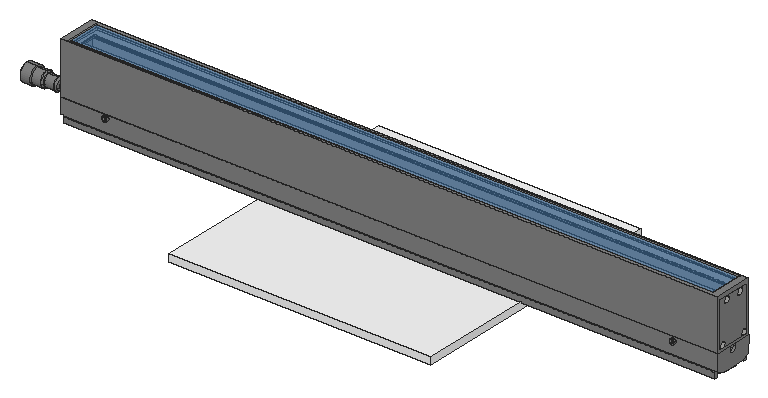
Revit family "BE_77157_de_DE", category Leuchten, Revit 2020
Family settings
  Basisbauteil = Fläche
  Bemaßung runder Anschluss = Durchmesser verwenden
  Teiletyp = Normal
  Beim Laden mit Abzugskörper schneiden = Ja
  Lichtquelle = Ja
  Gemeinsam genutzt = Nein
  Raumberechnungspunkt = Ja
Parameters (values of type "BEGA_77157_Grafit_K4")
  built-in parameter 1150104 = 13.686 (stored number, unit not read)
  Wattage = 33.6 W
  Default Elevation = 0 mm
  built-in parameter 1150113 = 1 (stored number, unit not read)
  built-in parameter 1114218 = 1 (stored number, unit not read)
  Umgebungstemperatur = "25 °C"
  URL = "https://www.bega.com/de/produkt/77157"
  Typenkommentare = "© 2022 BEGA. Wir behalten uns das Recht vor, technische Änderungen ohne vorherige Ankündigung vorzunehmen."  # constant formula
  Type Image = 77157.png
  built-in parameter 1150134 = 12
  built-in parameter 1150109 = 1 (stored number, unit not read)
  Strom = ""
  built-in parameter 1150110 = 1 (stored number, unit not read)
  Spannung = 239.996 V
  Sonderanfertigung = no
  Seriennummer [instance] = "Hier können Sie die eindeutige Seriennummer für das Facility Management eintragen."
  Schutzklasse = "I"
  Schutzart = "IP 65"
  Scheinlast = 0 VA
  Produktdatenblatt = "https://cdn.bega.com/bega/products/77157K4/current/documents/data-sheets/de"
  Oberflächentemperatur = ""
  Neigungswinkel = 0.00°
  Modell = "77157K4"
  Material_18 = BEGA_Gummi_schwarz
  Material_17 = BEGA_Reflektor
  Material_15 = BEGA_Leuchtmedium_matt
  Material_11 = BEGA_Glas_opal
  Material_10 = BEGA_Glas_matt
  Material_09 = BEGA_Glas_klar
  Material_06 = BEGA_Oberfläche_Edelstahl_gebürstet
  Material_04 = BEGA_Kunststoff_Grafit_matt
  Material_03 = BEGA_Oberfläche_Weiss_matt
  Material_02 = BEGA_Oberfläche_Silber_matt
  Material_01 [instance] = BEGA_Oberfläche_Grafit_matt
  M_W = no
  M_G = yes
  M_A = no
  Logo = 0
  built-in parameter 1114217 = 1 (stored number, unit not read)
  built-in parameter 1150139 = (empty or 0)
  built-in parameter 1150105 = 393.9 (stored number, unit not read)
  built-in parameter 1150114 = 1 (stored number, unit not read)
  Lumens = 4949.95 lm
  built-in parameter 1150115 = 1 (stored number, unit not read)
  Leuchtenlichtstrom = "2164 lm"
  Leuchtenanzahl = ""
  Lebensdauerkriterien = "L70B50 @ 25 °C = 200000 h"
  Lastklassifizierung = Beleuchtung
  built-in parameter 1150112 = 1 (stored number, unit not read)
  Lampenlichtstrom = "5020 lm"
  Lampe = "LED 25.2 W"
  LED_Modulbezeichnung = "2x LED-0928/840"
  built-in parameter 1150142 = (empty or 0)
  Hersteller = "BEGA"  # constant formula
  Halbstreuwinkel = ""
  Gewicht = "5.5 kg"
  Gebrauchslageneinschränkung [instance] = ""
  Frequenz = "0/50-60 Hz"
  Farbwiedergabeindex = "CRI > 80"
  Farbtemperaturverschiebung bei Dämpfen der Lampe = <Keine Auswahl>
  Farbtemperatur = "4000 K"
  Color Filter = 16777215
  built-in parameter 1150133 = 10 (stored number, unit not read)
  Energieeffizienzklasse = "LED A++ - A"
  built-in parameter 1150137 = (empty or 0)
  built-in parameter 1150132 = (empty or 0)
  ENEC = "ja"
  Dimmbar [instance] = "DALI"
  Datei für fotometrisches Netz = "BE_77157K4.IES"
  CE_Konformität = "ja"
  Bestellnummer = "77157K4"
  Beschreibung_Sonderanfertigung = "Hier können Sie Informationen zur Sonderanfertigung eintragen."
  Beschreibung = "Fassadenscheinwerfer"
  built-in parameter 1150106 = 3.939 (stored number, unit not read)
  Befestigungsbohrung = "Ø 7 mm"
  Befestigungsabstand = "875 mm"
  Ballwurfsicher = ""
  BEGA_Intern_aus = yes
  BEGA_Intern_an = yes
  BEGA_Intern_Konstruktion = yes
  BEGA_Intern = yes
  BEGA_IES = yes
  BEGA_Dummy = no
  Anschlussleitung = "0.5 m X05BQ-F 5 G 1 mm²"
  Anschlussleistung [instance] = "28 W"
  Anschlusskasten = ""
  built-in parameter 1150107 = 4000 (stored number, unit not read)
  built-in parameter 1150102 = (empty or 0)
  built-in parameter 1150138 = (empty or 0)
  Aktualisierung = "2022-05-19T04:00:07"
  Abstand_zur_angestrahlten_Fläche [instance] = ""
  AC/DC = "AC/DC"
Types (4, lengths in mm): name | built-in parameter 1150104 | built-in parameter 1150134 | Modell | M_G | M_A | built-in parameter 1150105 | Lumens | Leuchtenlichtstrom | Lampenlichtstrom | LED_Modulbezeichnung | Farbtemperatur | Datei für fotometrisches Netz | Bestellnummer | built-in parameter 1150106 | built-in parameter 1150107
  BEGA_77157_Grafit_K3 | 12.525 (stored number, unit not read) | (empty or 0) | "77157K3" | yes | no | 360.48 (stored number, unit not read) | 4529.95 lm | "2108 lm" | "4890 lm" | "2x LED-0928/830" | "3000 K" | "BE_77157K3.IES" | "77157K3" | 3.6048 (stored number, unit not read) | 3000 (stored number, unit not read)
  BEGA_77157_Silber_K4 | 13.686 (stored number, unit not read) | (empty or 0) | "77157AK4" | no | yes | 393.9 (stored number, unit not read) | 4949.95 lm | "2164 lm" | "5020 lm" | "2x LED-0928/840" | "4000 K" | "BE_77157K4.IES" | "77157AK4" | 3.939 (stored number, unit not read) | 3000 (stored number, unit not read)
  BEGA_77157_Silber_K3 | 12.525 (stored number, unit not read) | (empty or 0) | "77157AK3" | no | yes | 360.48 (stored number, unit not read) | 4529.95 lm | "2108 lm" | "4890 lm" | "2x LED-0928/830" | "3000 K" | "BE_77157K3.IES" | "77157AK3" | 3.6048 (stored number, unit not read) | 3000 (stored number, unit not read)
  BEGA_77157_Grafit_K4 | 13.686 (stored number, unit not read) | 12 | "77157K4" | yes | no | 393.9 (stored number, unit not read) | 4949.95 lm | "2164 lm" | "5020 lm" | "2x LED-0928/840" | "4000 K" | "BE_77157K4.IES" | "77157K4" | 3.939 (stored number, unit not read) | 4000 (stored number, unit not read)
Reference planes
  plane 1 "Mitte (Vorne/Hinten)": y = 0
  plane 2: z = 0
  plane 3 "Mitte (Links/Rechts)": x = 0
  plane 4 "Links": x = -500
  plane 5 "Rechts": x = 500
  plane 6 "Unten": y = -29
  plane 7 "Oben": y = 29
  plane 8 "Vorne": z = 113
  plane 9 "Hinten": z = 0
Forms (mm)
  Extrusion 1, solid, material "BEGA_Platte_Weiss"
    sketch origin (0, -1119.2, 0) x (1, 0, 0) y (0, 1, 0)
      loop
        line (-200, 1319.2) -> (-200, 919.2) -> (200, 919.2) -> (200, 1319.2) -> (-200, 1319.2)
    from 0 to -10
  Extrusion 2, solid, material "BEGA_Dummy_matt", visible <- "BEGA_Dummy"
    sketch origin (80.095, -76.023, 0) x (1, 0, 0) y (0, 1, 0)
      loop
        line (-580.095, 105.023) -> (-580.095, 47.023) -> (419.905, 47.023) -> (419.905, 105.023) -> (-580.095, 105.023)
    from 0 to 113
Dimensions and locks
  plane 1 "Mitte (Vorne/Hinten)" to Extrusion 1 = 200 mm
  aligned and locked: plane 2 to Extrusion 1
  aligned and locked: level to Extrusion 1
Nested families
  nested 1: "BE_77157_Scheinwerfer" at (0, 0, 0), type "BE_77157_Scheinwerfer"
Connectors
  electrical at (0, 0, 0), driven by "Lastklassifizierung", driven by "Spannung", driven by "Scheinlast"
    settings: index 1, voltage 239.996 V, apparent load 0 VA, apparent load phase1 0 VA, apparent load phase2 0 VA, apparent load phase3 0 VA, power factor 1, load classification "Beleuchtung", number of poles 1, system type 31, power factor state 1, is connector primary yes, connector utility no, sub classification motor no, connector description ""
Definition of nested family "BE_77157_Scheinwerfer"
  Parameters (values of type "BE_77157_Scheinwerfer")
    Default Elevation = 1 mm
    URL = "http://www.bega.de/de/produkt"
    Type Comments = "© 2015 BEGA. Wir behalten uns das Recht vor, technische Änderungen ohne vorherige Ankündigung vorzunehmen. "  # constant formula
    Type Image = (empty or 0)
    Material_18 = none
    Material_17 = none
    Material_15 = none
    Material_11 = none
    Material_10 = none
    Material_09 = none
    Material_06 = none
    Material_04 = none
    Material_03 = none
    Material_02 = none
    Material_01 = none
    M_W = yes
    M_G = yes
    M_A = yes
    Länge_Platte = 1200 mm  # constant formula
    Höhe_Platte = -10 mm  # constant formula
    Manufacturer = "BEGA"  # constant formula
    Breite_Platte = 200 mm  # constant formula
  Reference planes
    plane 1 "Mitte (Oben/Unten)": y = 0
    plane 2: z = 0
    plane 3 "Mitte (Links/Rechts)": x = 0
    plane 4: z = 113.3
    plane 5: y = -29
    plane 6: y = 29
    plane 7: x = -581.9
    plane 8: x = 500
  Forms (mm)
    Extrusion 1, solid, detail levels medium
      sketch origin (0, 0, 0) x (1, 0, 0) y (0, 1, 0)
        loop
          line (-600, 100) -> (-600, -100) -> (600, -100) -> (600, 100) -> (-600, 100)
      from 0 to -10 <- "Höhe_Platte"
    Extrusion 2, solid, material <- "Material_01", visible <- "M_G", detail levels medium+fine
      sketch origin (0, 0, 0) x (0, 1, 0) y (0, 0, 1)
        loop
          line (-29, 0) -> (-26.3, 0) -> (-26.3, 4.91)
          arc (-26.3, 4.91) -> (-26.086, 5.32) -> (-25.627, 5.379) r 0.5
          arc (-25.627, 5.379) -> (-17.92, 3.003) -> (-10, 1.479) r 74
          line (-10, 1.479) -> (-10, 0.2) -> (10, 0.2) -> (10, 1.482)
          arc (10, 1.482) -> (17.921, 3.006) -> (25.629, 5.383) r 73.998
          arc (25.629, 5.383) -> (26.086, 5.326) -> (26.299, 4.918) r 0.497
          line (26.299, 4.918) -> (26.299, 0) -> (29, 0) -> (29, 8.899)
          arc (29, 8.899) -> (28.775, 9.317) -> (28.302, 9.358) r 0.5
          arc (28.302, 9.358) -> (0, 3.5) -> (-28.301, 9.358) r 71.3
          arc (-28.301, 9.358) -> (-28.774, 9.317) -> (-29, 8.899) r 0.5
          line (-29, 8.899) -> (-29, 0)
      from -496 to 496
    Extrusion 3, solid, material <- "Material_01", visible <- "M_G", detail levels medium+fine
      sketch origin (0, 0, 0) x (0, 1, 0) y (0, 0, 1)
        loop
          arc (-29, 9.993) -> (0, 3.8) -> (29, 9.993) r 71
          line (29, 9.993) -> (29, 34.8) -> (25.401, 34.8) -> (25.401, 12.395)
          arc (25.401, 12.395) -> (0, 7.696) -> (-25.401, 12.395) r 71
          line (-25.401, 12.395) -> (-25.401, 34.8) -> (-29, 34.8) -> (-29, 9.993)
      from -496 to 496
    Sweep 4, solid, material <- "Material_01", visible <- "M_G", detail levels medium+fine
      path origin (0, 0, 0) x (1, 0, 0) y (0, 1, 0)
        loop
          line (-500, 29) -> (-500, -29) -> (500, -29) -> (500, 29) -> (-500, 29)
      profile origin (-500, 0, 0) x (1, 0, 0) y (0, 0, 1)
        loop
          line (0, 113.3) -> (0, 34.8) -> (11, 34.8) -> (11, 40.679) -> (3.5, 40.679) -> (3.5, 103.406) -> (17.035, 103.406)
          arc (17.035, 103.406) -> (17.719, 103.711) -> (18, 104.406) r 1
          line (18, 104.406) -> (18, 105.896)
          arc (18, 105.896) -> (17.713, 106.596) -> (17.017, 106.895) r 1
          line (17.017, 106.895) -> (11.125, 106.895) -> (8.794, 113.3) -> (0, 113.3)
    Extrusion 5, void
      sketch origin (239, 0, 0) x (1, 0, 0) y (0, 0, 1)
        loop
          line (261, 37.756) -> (261, 107.746) -> (258.218, 107.746) -> (258.218, 37.756) -> (261, 37.756)
      from -26.267 to 26.244
    Extrusion 6, solid, material <- "Material_01", visible <- "M_G", detail levels medium+fine
      sketch origin (239, 0, 0) x (1, 0, 0) y (0, 0, 1)
        loop
          line (261, 106.748) -> (258.218, 106.748) -> (258.218, 38.353) -> (261, 38.353) -> (261, 106.748)
      from -25.5 to 25.5
    Extrusion 7, solid, material <- "Material_01", visible <- "M_G", detail levels medium+fine
      sketch origin (0, 0, 0) x (0, 1, 0) y (0, 0, 1)
        loop
          line (-29, 34.8) -> (-29, 9.993)
          arc (-29, 9.993) -> (0, 3.8) -> (29, 9.993) r 71
          line (29, 9.993) -> (29, 34.8) -> (6, 34.8) -> (6, 29.8)
          arc (6, 29.8) -> (0, 23.8) -> (-6, 29.8) r 6
          line (-6, 29.8) -> (-6, 34.8) -> (-29, 34.8)
      from 496 to 500
    Extrusion 8, solid, material <- "Material_01", visible <- "M_G", detail levels medium+fine
      sketch origin (-239, 0, 0) x (0, 1, 0) y (0, 0, -1)
        loop
          line (-29, -34.8) -> (-6, -34.8) -> (-6, -29.8)
          arc (-6, -29.8) -> (0, -23.8) -> (6, -29.8) r 6
          line (6, -29.8) -> (6, -34.8) -> (29, -34.8) -> (29, -10.487)
          arc (29, -10.487) -> (0, -4.294) -> (-29, -10.487) r 71
          line (-29, -10.487) -> (-29, -34.8)
      from 257 to 261
    Extrusion 9, void
      sketch origin (0, 0, 0) x (1, 0, 0) y (0, 1, 0)
        loop
          circle (0, 0) r 7.5
        loop
          circle (-440, 0) r 3.5
        loop
          circle (440, 0) r 3.5
      from 0 to 10
    Revolve 10, solid, material <- "Material_01", visible <- "M_G", detail levels medium+fine
      sketch origin (-432, 0, 0) x (0, 1, 0) y (0, 0, 1)
        loop
          line (-31.453, 32.75) -> (-31.453, 31.8) -> (-27.5, 31.8) -> (-27.5, 32.75) -> (-31.453, 32.75)
        axis (-31.453, 28.8) -> (-27.5, 28.8)
      angle from 0 to 360
    Revolve 11, solid, material <- "Material_01", visible <- "M_G", detail levels medium+fine
      sketch origin (432, 0, 0) x (0, 1, 0) y (0, 0, -1)
        loop
          line (-31.453, -32.75) -> (-27.5, -32.75) -> (-27.5, -31.8) -> (-31.453, -31.8) -> (-31.453, -32.75)
        axis (-31.453, -28.8) -> (-27.5, -28.8)
      angle from 0 to 360
    Revolve 12, solid, material <- "Material_06", detail levels fine
      sketch origin (-432, 0, 0) x (0, 1, 0) y (0, 0, 1)
        loop
          line (-30.053, 31.8) -> (-30.053, 28.8) -> (-26.193, 28.8) -> (-26.193, 31.8) -> (-30.053, 31.8)
        axis (-30.053, 28.8) -> (-26.193, 28.8)
      angle from 0 to 360
    Revolve 13, solid, material <- "Material_06", detail levels fine
      sketch origin (432, 0, 0) x (0, 1, 0) y (0, 0, -1)
        loop
          line (-30.053, -31.8) -> (-26.193, -31.8) -> (-26.193, -28.8) -> (-30.053, -28.8) -> (-30.053, -31.8)
        axis (-30.053, -28.8) -> (-26.193, -28.8)
      angle from 0 to 360
    Revolve 14, solid, material <- "Material_04", detail levels medium+fine
      sketch origin (-239, 0, 0) x (1, 0, 0) y (0, 0, 1)
        loop
          line (-320.8, 43.3) -> (-335.5, 43.3) -> (-336.7, 42.1) -> (-336.7, 32.8) -> (-342.9, 32.8) -> (-342.9, 29.8) -> (-260.5, 29.8) -> (-260.5, 34.15) -> (-284, 34.15) -> (-284, 37.8) -> (-287, 39.3) -> (-288, 39.3)
          arc (-288, 39.3) -> (-288.146, 38.947) -> (-288.5, 38.8) r 0.5
          line (-288.5, 38.8) -> (-302.464, 38.8)
          arc (-302.464, 38.8) -> (-303.418, 38.99) -> (-304.228, 39.528) r 2.5
          line (-304.228, 39.528) -> (-305.707, 41.008)
          arc (-305.707, 41.008) -> (-306.032, 41.224) -> (-306.414, 41.3) r 1
          line (-306.414, 41.3) -> (-320, 41.3) -> (-320, 39.8) -> (-320.8, 39.8) -> (-320.8, 43.3)
        axis (-342.9, 29.8) -> (-260.5, 29.8)
      angle from 0 to 360
    Revolve 15, void
      sketch origin (239, -12.5, -0.101) x (1, 0, 0) y (0, 0, 1)
        loop
          line (261.225, 106.482) -> (258.494, 103.752) -> (258.494, 101.902) -> (261.225, 101.902) -> (261.225, 106.482)
        axis (258.494, 101.902) -> (261.225, 101.902)
      angle from 0 to 360
    Revolve 16, void
      sketch origin (239, 12.5, -0.101) x (1, 0, 0) y (0, 0, -1)
        loop
          line (261.225, -106.482) -> (261.225, -101.902) -> (258.494, -101.902) -> (258.494, -103.752) -> (261.225, -106.482)
        axis (258.494, -101.902) -> (261.225, -101.902)
      angle from 0 to 360
    Revolve 17, void
      sketch origin (239, -20.5, -58.602) x (1, 0, 0) y (0, 0, 1)
        loop
          line (261.225, 106.482) -> (258.494, 103.752) -> (258.494, 101.902) -> (261.225, 101.902) -> (261.225, 106.482)
        axis (258.494, 101.902) -> (261.225, 101.902)
      angle from 0 to 360
    Revolve 18, void
      sketch origin (239, 20.5, -58.602) x (1, 0, 0) y (0, 0, -1)
        loop
          line (261.225, -106.482) -> (261.225, -101.902) -> (258.494, -101.902) -> (258.494, -103.752) -> (261.225, -106.482)
        axis (258.494, -101.902) -> (261.225, -101.902)
      angle from 0 to 360
    Extrusion 19, solid, material <- "Material_06", detail levels fine
      sketch origin (239.494, 0, 0) x (0, 1, 0) y (0, 0, 1)
        loop
          circle (-12.5, 101.8) r 4.009
        loop
          circle (12.5, 101.8) r 4.009
        loop
          circle (-20.5, 43.3) r 4.009
        loop
          circle (20.5, 43.3) r 4.009
      from 259.244 to 260.506
    Extrusion 20, solid, material <- "Material_10", detail levels medium+fine
      sketch origin (0, 0, 0) x (1, 0, 0) y (0, 0, 1)
        loop
          line (-489.25, 113) -> (-489.25, 109) -> (489.25, 109) -> (489.25, 113) -> (-489.25, 113)
      from -25 to 25
    Sweep 21, void
      path origin (0, 0, 0) x (1, 0, 0) y (0, 1, 0)
        loop
          line (493.606, 29) -> (-493.606, 29) -> (-493.606, -29) -> (493.606, -29) -> (493.606, 29)
      profile origin (0, 29, 0) x (0, -1, 0) y (0, 0, 1)
        loop
          line (12.06, 106.895) -> (9.517, 113.881) -> (2.237, 113.881) -> (4.779, 106.895) -> (12.06, 106.895)
    Extrusion 22, solid, material <- "Material_02", visible <- "M_A", detail levels medium+fine
      sketch origin (0, 0, 0) x (0, 1, 0) y (0, 0, 1)
        loop
          line (-29, 0) -> (-26.3, 0) -> (-26.3, 4.91)
          arc (-26.3, 4.91) -> (-26.086, 5.32) -> (-25.627, 5.379) r 0.5
          arc (-25.627, 5.379) -> (-17.92, 3.003) -> (-10, 1.479) r 74
          line (-10, 1.479) -> (-10, 0.2) -> (10, 0.2) -> (10, 1.482)
          arc (10, 1.482) -> (17.921, 3.006) -> (25.629, 5.383) r 73.998
          arc (25.629, 5.383) -> (26.086, 5.326) -> (26.299, 4.918) r 0.497
          line (26.299, 4.918) -> (26.299, 0) -> (29, 0) -> (29, 8.899)
          arc (29, 8.899) -> (28.775, 9.317) -> (28.302, 9.358) r 0.5
          arc (28.302, 9.358) -> (0, 3.5) -> (-28.301, 9.358) r 71.3
          arc (-28.301, 9.358) -> (-28.774, 9.317) -> (-29, 8.899) r 0.5
          line (-29, 8.899) -> (-29, 0)
      from -496 to 496
    Extrusion 23, solid, material <- "Material_02", visible <- "M_A", detail levels medium+fine
      sketch origin (0, 0, 0) x (0, 1, 0) y (0, 0, 1)
        loop
          arc (-29, 9.993) -> (0, 3.8) -> (29, 9.993) r 71
          line (29, 9.993) -> (29, 34.8) -> (25.401, 34.8) -> (25.401, 12.395)
          arc (25.401, 12.395) -> (0, 7.696) -> (-25.401, 12.395) r 71
          line (-25.401, 12.395) -> (-25.401, 34.8) -> (-29, 34.8) -> (-29, 9.993)
      from -496 to 496
    Extrusion 24, solid, material <- "Material_02", visible <- "M_A", detail levels medium+fine
      sketch origin (0, 0, 0) x (0, 1, 0) y (0, 0, 1)
        loop
          line (-29, 34.8) -> (-29, 9.993)
          arc (-29, 9.993) -> (0, 3.8) -> (29, 9.993) r 71
          line (29, 9.993) -> (29, 34.8) -> (6, 34.8) -> (6, 29.8)
          arc (6, 29.8) -> (0, 23.8) -> (-6, 29.8) r 6
          line (-6, 29.8) -> (-6, 34.8) -> (-29, 34.8)
      from 496 to 500
    Extrusion 25, solid, material <- "Material_02", visible <- "M_A", detail levels medium+fine
      sketch origin (-239, 0, 0) x (0, 1, 0) y (0, 0, -1)
        loop
          line (-29, -34.8) -> (-6, -34.8) -> (-6, -29.8)
          arc (-6, -29.8) -> (0, -23.8) -> (6, -29.8) r 6
          line (6, -29.8) -> (6, -34.8) -> (29, -34.8) -> (29, -10.487)
          arc (29, -10.487) -> (0, -4.294) -> (-29, -10.487) r 71
          line (-29, -10.487) -> (-29, -34.8)
      from 257 to 261
    Revolve 26, solid, material <- "Material_02", visible <- "M_A", detail levels medium+fine
      sketch origin (-432, 0, 0) x (0, 1, 0) y (0, 0, 1)
        loop
          line (-31.453, 32.75) -> (-31.453, 31.8) -> (-27.5, 31.8) -> (-27.5, 32.75) -> (-31.453, 32.75)
        axis (-31.453, 28.8) -> (-27.5, 28.8)
      angle from 0 to 360
    Revolve 27, solid, material <- "Material_02", visible <- "M_A", detail levels medium+fine
      sketch origin (432, 0, 0) x (0, 1, 0) y (0, 0, -1)
        loop
          line (-31.453, -32.75) -> (-27.5, -32.75) -> (-27.5, -31.8) -> (-31.453, -31.8) -> (-31.453, -32.75)
        axis (-31.453, -28.8) -> (-27.5, -28.8)
      angle from 0 to 360
    Sweep 28, solid, material <- "Material_02", visible <- "M_A", detail levels medium+fine
      path origin (0, 0, 0) x (1, 0, 0) y (0, 1, 0)
        loop
          line (-500, 29) -> (-500, -29) -> (500, -29) -> (500, 29) -> (-500, 29)
      profile origin (-500, 0, 0) x (1, 0, 0) y (0, 0, 1)
        loop
          line (0, 113.3) -> (0, 34.8) -> (11, 34.8) -> (11, 40.679) -> (3.5, 40.679) -> (3.5, 103.406) -> (17.035, 103.406)
          arc (17.035, 103.406) -> (17.719, 103.711) -> (18, 104.406) r 1
          line (18, 104.406) -> (18, 105.896)
          arc (18, 105.896) -> (17.713, 106.596) -> (17.017, 106.895) r 1
          line (17.017, 106.895) -> (11.125, 106.895) -> (8.794, 113.3) -> (0, 113.3)
    Extrusion 29, solid, material <- "Material_02", visible <- "M_A", detail levels medium+fine
      sketch origin (239.281, 0, 0) x (1, 0, 0) y (0, 0, 1)
        loop
          line (260.719, 106.748) -> (257.938, 106.748) -> (257.938, 38.353) -> (260.719, 38.353) -> (260.719, 106.748)
      from -25.5 to 25.5
  Cuts and joins
    Extrusion 5, Sweep 21 cuts Sweep 4
    Extrusion 9 cuts Extrusion 3
    Extrusion 9 cuts Extrusion 7
    Extrusion 9 cuts Extrusion 8
    joined: Extrusion 3, Extrusion 7, Extrusion 8, Revolve 10, Revolve 11
    Extrusion 9 cuts Extrusion 2
    Revolve 15, Revolve 16, Revolve 17, Revolve 18 cuts Extrusion 6
    Extrusion 9 cuts Extrusion 22
    joined: Extrusion 23, Extrusion 24, Extrusion 25, Revolve 26, Revolve 27
    Extrusion 5, Revolve 16, Sweep 21 cuts Sweep 28
    Revolve 15, Revolve 16, Revolve 17, Revolve 18 cuts Extrusion 29
  Dimensions and locks
    equal spacing: Extrusion 1 sketch curve, plane 3 "Mitte (Links/Rechts)", Extrusion 1 sketch curve
    equal spacing: Extrusion 1 sketch curve, plane 1 "Mitte (Oben/Unten)", Extrusion 1 sketch curve
    "Länge_Platte": Extrusion 1 sketch curve to Extrusion 1 sketch curve
    "Breite_Platte": Extrusion 1 sketch curve to Extrusion 1 sketch curve
    aligned and locked: Extrusion 1 to plane 2
    aligned and locked: level to Extrusion 1
  Automatic sketch dimensions
    Extrusion 2 sketch curve to Extrusion 2 sketch curve = 0 mm  (x5)
    Extrusion 2 sketch curve to level = 0 mm  (x2)
    level to Extrusion 2 sketch curve = 8.899 mm
    plane 1 "Mitte (Oben/Unten)" to Extrusion 2 sketch curve = 29 mm
    Extrusion 2 sketch curve to Extrusion 2 sketch curve = 0.5 mm  (x2)
    Extrusion 2 sketch curve to Extrusion 2 sketch curve = 2.7 mm
    level to Extrusion 2 sketch curve = 0.2 mm
    plane 1 "Mitte (Oben/Unten)" to Extrusion 2 sketch curve = 10 mm
    Extrusion 2 sketch curve to plane 1 "Mitte (Oben/Unten)" = 0 mm  (x2)
    Extrusion 2 sketch curve to plane 1 "Mitte (Oben/Unten)" = 10 mm
    level to Extrusion 2 sketch curve = 4.918 mm
    Extrusion 2 sketch curve to Extrusion 2 sketch curve = 15.802 mm
    Extrusion 2 sketch curve to Extrusion 2 sketch curve = 0.497 mm
    Extrusion 2 sketch curve to Extrusion 2 sketch curve = 2.201 mm
    Extrusion 2 sketch curve to Extrusion 2 sketch curve = 2.701 mm
    Extrusion 2 sketch curve to Extrusion 2 sketch curve = 1.279 mm
    Extrusion 2 sketch curve to Extrusion 2 sketch curve = 1.282 mm
    Extrusion 2 sketch curve to Extrusion 2 sketch curve = 3.989 mm
    Extrusion 2 sketch curve to Extrusion 2 sketch curve = 3.981 mm
    Extrusion 2 sketch curve to Extrusion 2 sketch curve = 65.901 mm
    Extrusion 2 sketch curve to Extrusion 2 sketch curve = 0.002 mm
    Extrusion 2 sketch curve to Extrusion 2 sketch curve = 0.198 mm  (x2)
    Extrusion 3 sketch curve to plane 1 "Mitte (Oben/Unten)" = 0 mm  (x2)
    plane 1 "Mitte (Oben/Unten)" to Extrusion 3 sketch curve = 25.401 mm
    Extrusion 3 sketch curve to Extrusion 3 sketch curve = 3.599 mm  (x2)
    level to Extrusion 3 sketch curve = 12.395 mm
    Extrusion 3 sketch curve to plane 1 "Mitte (Oben/Unten)" = 25.401 mm
    Extrusion 3 sketch curve to Extrusion 3 sketch curve = 2.402 mm
    Extrusion 3 sketch curve to Extrusion 3 sketch curve = 22.405 mm  (x2)
    Extrusion 3 sketch curve to Extrusion 3 sketch curve = 40 mm
    Extrusion 3 sketch curve to Extrusion 3 sketch curve = 3.895 mm
    profile plane to Sweep 4 sketch curve = 0 mm
    Sweep 4 sketch curve to profile plane = 3.5 mm
    Sweep 4 sketch curve to profile plane = 8.794 mm
    Sweep 4 sketch curve to Sweep 4 sketch curve = 7.5 mm
    Sweep 4 sketch curve to Sweep 4 sketch curve = 2.331 mm
    Sweep 4 sketch curve to Sweep 4 sketch curve = 5.875 mm
    Sweep 4 sketch curve to Sweep 4 sketch curve = 0 mm
    Sweep 4 sketch curve to Sweep 4 sketch curve = 0.017 mm
    Sweep 4 sketch curve to Sweep 4 sketch curve = 0.035 mm
    Sweep 4 sketch curve to Sweep 4 sketch curve = 1 mm
    level to Sweep 4 sketch curve = 34.8 mm
    Sweep 4 sketch curve to Sweep 4 sketch curve = 5.878 mm
    Sweep 4 sketch curve to Sweep 4 sketch curve = 62.728 mm
    Sweep 4 sketch curve to Sweep 4 sketch curve = 1.49 mm
    Sweep 4 sketch curve to Sweep 4 sketch curve = 9.894 mm
    level to Extrusion 5 sketch curve = 37.756 mm
    plane 3 "Mitte (Links/Rechts)" to Extrusion 5 sketch curve = 497.218 mm
    Extrusion 5 sketch curve to Extrusion 5 sketch curve = 2.782 mm
    Extrusion 5 sketch curve to Extrusion 5 sketch curve = 69.99 mm
    level to Extrusion 6 sketch curve = 38.353 mm
    plane 3 "Mitte (Links/Rechts)" to Extrusion 6 sketch curve = 497.218 mm
    Extrusion 6 sketch curve to Extrusion 6 sketch curve = 2.782 mm
    Extrusion 6 sketch curve to Extrusion 6 sketch curve = 68.395 mm
    Extrusion 7 sketch curve to plane 1 "Mitte (Oben/Unten)" = 0 mm  (x2)
    plane 1 "Mitte (Oben/Unten)" to Extrusion 7 sketch curve = 6 mm
    Extrusion 7 sketch curve to Extrusion 7 sketch curve = 23 mm
    level to Extrusion 7 sketch curve = 9.993 mm
    Extrusion 7 sketch curve to plane 1 "Mitte (Oben/Unten)" = 29 mm
    level to Extrusion 7 sketch curve = 29.8 mm
    Extrusion 7 sketch curve to Extrusion 7 sketch curve = 5 mm  (x2)
    Extrusion 7 sketch curve to Extrusion 7 sketch curve = 40 mm
    Extrusion 8 sketch curve to plane 1 "Mitte (Oben/Unten)" = 0 mm  (x2)
    plane 1 "Mitte (Oben/Unten)" to Extrusion 8 sketch curve = 6 mm
    Extrusion 8 sketch curve to Extrusion 8 sketch curve = 23 mm
    level to Extrusion 8 sketch curve = 10.487 mm
    Extrusion 8 sketch curve to plane 1 "Mitte (Oben/Unten)" = 29 mm
    level to Extrusion 8 sketch curve = 29.8 mm
    Extrusion 8 sketch curve to Extrusion 8 sketch curve = 5 mm  (x2)
    Extrusion 8 sketch curve to Extrusion 8 sketch curve = 40.494 mm
    plane 1 "Mitte (Oben/Unten)" to Revolve 10 sketch curve = 31.453 mm
    Revolve 10 sketch curve to Revolve 10 sketch curve = 3.953 mm
    level to Revolve 10 sketch curve = 31.8 mm
    Revolve 10 sketch curve to Revolve 10 sketch curve = 0.95 mm
    Revolve 10 sketch curve to Revolve 10 sketch curve = 0.641 mm
    Revolve 10 sketch curve to Revolve 10 sketch curve = 2.294 mm
    Revolve 10 sketch curve to Revolve 10 sketch curve = 3 mm
    plane 1 "Mitte (Oben/Unten)" to Revolve 11 sketch curve = 31.453 mm
    Revolve 11 sketch curve to Revolve 11 sketch curve = 3.953 mm
    level to Revolve 11 sketch curve = 32.75 mm
    Revolve 11 sketch curve to Revolve 11 sketch curve = 0.95 mm
    Revolve 11 sketch curve to Revolve 11 sketch curve = 0.641 mm
    Revolve 11 sketch curve to Revolve 11 sketch curve = 2.294 mm
    Revolve 11 sketch curve to Revolve 11 sketch curve = 3 mm
    plane 1 "Mitte (Oben/Unten)" to Revolve 12 sketch curve = 30.053 mm
    Revolve 12 sketch curve to Revolve 12 sketch curve = 3.861 mm
    level to Revolve 12 sketch curve = 28.8 mm
    Revolve 12 sketch curve to Revolve 12 sketch curve = 3 mm
    Revolve 12 sketch curve to Revolve 12 sketch curve = 1.053 mm
    Revolve 12 sketch curve to Revolve 12 sketch curve = 1.25 mm
    Revolve 12 sketch curve to Revolve 12 sketch curve = 0 mm
    plane 1 "Mitte (Oben/Unten)" to Revolve 13 sketch curve = 30.053 mm
    Revolve 13 sketch curve to Revolve 13 sketch curve = 3.861 mm
    level to Revolve 13 sketch curve = 31.8 mm
    Revolve 13 sketch curve to Revolve 13 sketch curve = 3 mm
    Revolve 13 sketch curve to Revolve 13 sketch curve = 1.053 mm
    Revolve 13 sketch curve to Revolve 13 sketch curve = 1.25 mm
    Revolve 13 sketch curve to Revolve 13 sketch curve = 0 mm
    level to Revolve 14 sketch curve = 29.8 mm
    Revolve 14 sketch curve to plane 3 "Mitte (Links/Rechts)" = 581.9 mm
    level to Revolve 14 sketch curve = 42.1 mm
    Revolve 14 sketch curve to Revolve 14 sketch curve = 6.2 mm
    level to Revolve 14 sketch curve = 43.3 mm
    Revolve 14 sketch curve to Revolve 14 sketch curve = 1.2 mm
    Revolve 14 sketch curve to Revolve 14 sketch curve = 14.7 mm
    Revolve 14 sketch curve to Revolve 14 sketch curve = 0.8 mm
    Revolve 14 sketch curve to Revolve 14 sketch curve = 13.586 mm
    level to Revolve 14 sketch curve = 39.528 mm
    Revolve 14 sketch curve to Revolve 14 sketch curve = 2.187 mm
    Revolve 14 sketch curve to Revolve 14 sketch curve = 1.763 mm
    Revolve 14 sketch curve to Revolve 14 sketch curve = 13.964 mm
    Revolve 14 sketch curve to Revolve 14 sketch curve = 0.5 mm
    Revolve 14 sketch curve to Revolve 14 sketch curve = 1 mm  (x2)
    level to Revolve 14 sketch curve = 37.8 mm
    Revolve 14 sketch curve to Revolve 14 sketch curve = 3 mm  (x2)
    Revolve 14 sketch curve to Revolve 14 sketch curve = 23.5 mm
    Revolve 14 sketch curve to Revolve 14 sketch curve = 4.35 mm
    Revolve 14 sketch curve to Revolve 14 sketch curve = 3.5 mm
    Revolve 14 sketch curve to Revolve 14 sketch curve = 0.772 mm
    Revolve 14 sketch curve to Revolve 14 sketch curve = 1.5 mm
    Revolve 14 sketch curve to Revolve 14 sketch curve = 0.707 mm
    level to Revolve 14 sketch curve = 41.008 mm
    Revolve 14 sketch curve to Revolve 14 sketch curve = 0 mm
    Revolve 14 sketch curve to Revolve 14 sketch curve = 3.702 mm
    Revolve 14 sketch curve to Revolve 14 sketch curve = 7.729 mm
    Revolve 14 sketch curve to Revolve 14 sketch curve = 9 mm
    level to Revolve 15 sketch curve = 101.8 mm
    plane 3 "Mitte (Links/Rechts)" to Revolve 15 sketch curve = 497.494 mm
    Revolve 15 sketch curve to Revolve 15 sketch curve = 2.731 mm  (x2)
    Revolve 15 sketch curve to Revolve 15 sketch curve = 1.85 mm
    Revolve 15 sketch curve to Revolve 15 sketch curve = 0 mm  (x2)
    Revolve 15 sketch curve to Revolve 15 sketch curve = 1.225 mm
    level to Revolve 16 sketch curve = 101.8 mm
    plane 3 "Mitte (Links/Rechts)" to Revolve 16 sketch curve = 497.494 mm
    Revolve 16 sketch curve to Revolve 16 sketch curve = 2.731 mm  (x2)
    Revolve 16 sketch curve to Revolve 16 sketch curve = 1.85 mm
    Revolve 16 sketch curve to Revolve 16 sketch curve = 0 mm  (x2)
    Revolve 16 sketch curve to Revolve 16 sketch curve = 1.225 mm
    level to Revolve 17 sketch curve = 43.3 mm
    plane 3 "Mitte (Links/Rechts)" to Revolve 17 sketch curve = 497.494 mm
    Revolve 17 sketch curve to Revolve 17 sketch curve = 2.731 mm  (x2)
    Revolve 17 sketch curve to Revolve 17 sketch curve = 1.85 mm
    Revolve 17 sketch curve to Revolve 17 sketch curve = 0 mm  (x2)
    Revolve 17 sketch curve to Revolve 17 sketch curve = 1.225 mm
    level to Revolve 18 sketch curve = 43.3 mm
    plane 3 "Mitte (Links/Rechts)" to Revolve 18 sketch curve = 497.494 mm
    Revolve 18 sketch curve to Revolve 18 sketch curve = 2.731 mm  (x2)
    Revolve 18 sketch curve to Revolve 18 sketch curve = 1.85 mm
    Revolve 18 sketch curve to Revolve 18 sketch curve = 0 mm  (x2)
    Revolve 18 sketch curve to Revolve 18 sketch curve = 1.225 mm
    plane 1 "Mitte (Oben/Unten)" to Extrusion 19 sketch curve = 20.5 mm
    plane 1 "Mitte (Oben/Unten)" to Extrusion 19 sketch curve = 12.5 mm
    Extrusion 19 sketch curve to plane 1 "Mitte (Oben/Unten)" = 12.5 mm
    Extrusion 19 sketch curve to plane 1 "Mitte (Oben/Unten)" = 20.5 mm
    level to Extrusion 19 sketch curve = 43.3 mm
    Extrusion 19 sketch curve to Extrusion 19 sketch curve = 0 mm  (x2)
    Extrusion 19 sketch curve to Extrusion 19 sketch curve = 58.5 mm
    level to Extrusion 20 sketch curve = 109 mm
    Extrusion 20 sketch curve to plane 3 "Mitte (Links/Rechts)" = 489.25 mm
    plane 3 "Mitte (Links/Rechts)" to Extrusion 20 sketch curve = 489.25 mm
    Extrusion 20 sketch curve to Extrusion 20 sketch curve = 4 mm
    Sweep 21 sketch curve to profile plane = 2.237 mm
    Sweep 21 sketch curve to profile plane = 4.779 mm
    Sweep 21 sketch curve to Sweep 21 sketch curve = 7.28 mm  (x2)
    level to Sweep 21 sketch curve = 106.895 mm
    Sweep 21 sketch curve to Sweep 21 sketch curve = 6.985 mm
    Extrusion 22 sketch curve to Extrusion 22 sketch curve = 0 mm  (x5)
    Extrusion 22 sketch curve to level = 0 mm  (x2)
    level to Extrusion 22 sketch curve = 8.899 mm
    plane 1 "Mitte (Oben/Unten)" to Extrusion 22 sketch curve = 29 mm
    Extrusion 22 sketch curve to Extrusion 22 sketch curve = 0.5 mm  (x2)
    Extrusion 22 sketch curve to Extrusion 22 sketch curve = 2.7 mm
    level to Extrusion 22 sketch curve = 0.2 mm
    plane 1 "Mitte (Oben/Unten)" to Extrusion 22 sketch curve = 10 mm
    Extrusion 22 sketch curve to plane 1 "Mitte (Oben/Unten)" = 0 mm  (x2)
    Extrusion 22 sketch curve to plane 1 "Mitte (Oben/Unten)" = 10 mm
    level to Extrusion 22 sketch curve = 4.918 mm
    Extrusion 22 sketch curve to Extrusion 22 sketch curve = 15.802 mm
    Extrusion 22 sketch curve to Extrusion 22 sketch curve = 0.497 mm
    Extrusion 22 sketch curve to Extrusion 22 sketch curve = 2.201 mm
    Extrusion 22 sketch curve to Extrusion 22 sketch curve = 2.701 mm
    Extrusion 22 sketch curve to Extrusion 22 sketch curve = 1.279 mm
    Extrusion 22 sketch curve to Extrusion 22 sketch curve = 1.282 mm
    Extrusion 22 sketch curve to Extrusion 22 sketch curve = 3.989 mm
    Extrusion 22 sketch curve to Extrusion 22 sketch curve = 3.981 mm
    Extrusion 22 sketch curve to Extrusion 22 sketch curve = 65.901 mm
    Extrusion 22 sketch curve to Extrusion 22 sketch curve = 0.002 mm
    Extrusion 22 sketch curve to Extrusion 22 sketch curve = 0.198 mm  (x2)
    Extrusion 23 sketch curve to plane 1 "Mitte (Oben/Unten)" = 0 mm  (x2)
    plane 1 "Mitte (Oben/Unten)" to Extrusion 23 sketch curve = 25.401 mm
    Extrusion 23 sketch curve to Extrusion 23 sketch curve = 3.599 mm  (x2)
    level to Extrusion 23 sketch curve = 12.395 mm
    Extrusion 23 sketch curve to plane 1 "Mitte (Oben/Unten)" = 25.401 mm
    Extrusion 23 sketch curve to Extrusion 23 sketch curve = 2.402 mm
    Extrusion 23 sketch curve to Extrusion 23 sketch curve = 22.405 mm  (x2)
    Extrusion 23 sketch curve to Extrusion 23 sketch curve = 40 mm
    Extrusion 23 sketch curve to Extrusion 23 sketch curve = 3.895 mm
    Extrusion 24 sketch curve to plane 1 "Mitte (Oben/Unten)" = 0 mm  (x2)
    plane 1 "Mitte (Oben/Unten)" to Extrusion 24 sketch curve = 6 mm
    Extrusion 24 sketch curve to Extrusion 24 sketch curve = 23 mm
    level to Extrusion 24 sketch curve = 9.993 mm
    Extrusion 24 sketch curve to plane 1 "Mitte (Oben/Unten)" = 29 mm
    level to Extrusion 24 sketch curve = 29.8 mm
    Extrusion 24 sketch curve to Extrusion 24 sketch curve = 5 mm  (x2)
    Extrusion 24 sketch curve to Extrusion 24 sketch curve = 40 mm
    Extrusion 25 sketch curve to plane 1 "Mitte (Oben/Unten)" = 0 mm  (x2)
    plane 1 "Mitte (Oben/Unten)" to Extrusion 25 sketch curve = 6 mm
    Extrusion 25 sketch curve to Extrusion 25 sketch curve = 23 mm
    level to Extrusion 25 sketch curve = 10.487 mm
    Extrusion 25 sketch curve to plane 1 "Mitte (Oben/Unten)" = 29 mm
    level to Extrusion 25 sketch curve = 29.8 mm
    Extrusion 25 sketch curve to Extrusion 25 sketch curve = 5 mm  (x2)
    Extrusion 25 sketch curve to Extrusion 25 sketch curve = 40.494 mm
    plane 1 "Mitte (Oben/Unten)" to Revolve 26 sketch curve = 31.453 mm
    Revolve 26 sketch curve to Revolve 26 sketch curve = 3.953 mm
    level to Revolve 26 sketch curve = 31.8 mm
    Revolve 26 sketch curve to Revolve 26 sketch curve = 0.95 mm
    Revolve 26 sketch curve to Revolve 26 sketch curve = 0.641 mm
    Revolve 26 sketch curve to Revolve 26 sketch curve = 2.294 mm
    Revolve 26 sketch curve to Revolve 26 sketch curve = 3 mm
    plane 1 "Mitte (Oben/Unten)" to Revolve 27 sketch curve = 31.453 mm
    Revolve 27 sketch curve to Revolve 27 sketch curve = 3.953 mm
    level to Revolve 27 sketch curve = 32.75 mm
    Revolve 27 sketch curve to Revolve 27 sketch curve = 0.95 mm
    Revolve 27 sketch curve to Revolve 27 sketch curve = 0.641 mm
    Revolve 27 sketch curve to Revolve 27 sketch curve = 2.294 mm
    Revolve 27 sketch curve to Revolve 27 sketch curve = 3 mm
    profile plane to Sweep 28 sketch curve = 0 mm
    Sweep 28 sketch curve to profile plane = 3.5 mm
    Sweep 28 sketch curve to profile plane = 8.794 mm
    Sweep 28 sketch curve to Sweep 28 sketch curve = 7.5 mm
    Sweep 28 sketch curve to Sweep 28 sketch curve = 2.331 mm
    Sweep 28 sketch curve to Sweep 28 sketch curve = 5.875 mm
    Sweep 28 sketch curve to Sweep 28 sketch curve = 0 mm
    Sweep 28 sketch curve to Sweep 28 sketch curve = 0.017 mm
    Sweep 28 sketch curve to Sweep 28 sketch curve = 0.035 mm
    Sweep 28 sketch curve to Sweep 28 sketch curve = 1 mm
    level to Sweep 28 sketch curve = 34.8 mm
    Sweep 28 sketch curve to Sweep 28 sketch curve = 5.878 mm
    Sweep 28 sketch curve to Sweep 28 sketch curve = 62.728 mm
    Sweep 28 sketch curve to Sweep 28 sketch curve = 1.49 mm
    Sweep 28 sketch curve to Sweep 28 sketch curve = 9.894 mm
    level to Extrusion 29 sketch curve = 38.353 mm
    plane 3 "Mitte (Links/Rechts)" to Extrusion 29 sketch curve = 497.218 mm
    Extrusion 29 sketch curve to Extrusion 29 sketch curve = 2.782 mm
    Extrusion 29 sketch curve to Extrusion 29 sketch curve = 68.395 mm
    Sweep 28 sketch curve to plane 5 = 0 mm
    Sweep 28 sketch curve to plane 6 = 0 mm
    Sweep 4 sketch curve to plane 5 = 0 mm
    Sweep 4 sketch curve to plane 6 = 0 mm
    Sweep 21 sketch curve to plane 6 = 0 mm
    Sweep 21 sketch curve to plane 5 = 0 mm
    Extrusion 9 sketch curve to plane 1 "Mitte (Oben/Unten)" = 0 mm
    plane 1 "Mitte (Oben/Unten)" to Extrusion 9 sketch curve = 0 mm  (x2)
    Extrusion 9 sketch curve to plane 3 "Mitte (Links/Rechts)" = 0 mm
    Sweep 4 sketch curve to plane 3 "Mitte (Links/Rechts)" = 500 mm
    Extrusion 9 sketch curve to Extrusion 9 sketch curve = 440 mm
    Sweep 21 sketch curve to plane 3 "Mitte (Links/Rechts)" = 493.606 mm
    Sweep 28 sketch curve to plane 3 "Mitte (Links/Rechts)" = 500 mm
    plane 3 "Mitte (Links/Rechts)" to Sweep 4 sketch curve = 500 mm
    plane 3 "Mitte (Links/Rechts)" to Extrusion 9 sketch curve = 440 mm
    plane 3 "Mitte (Links/Rechts)" to Sweep 21 sketch curve = 493.606 mm
    plane 3 "Mitte (Links/Rechts)" to Sweep 28 sketch curve = 500 mm
    radius of Extrusion 19 sketch curve = 4.009 mm  (x4)
    radius of Extrusion 9 sketch curve = 7.5 mm
    radius of Extrusion 9 sketch curve = 3.5 mm  (x2)
